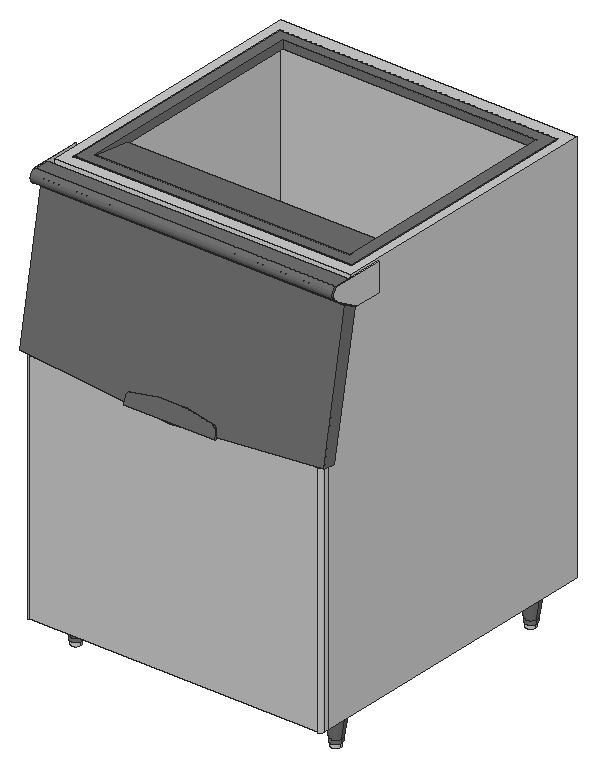
Revit family "QF_HOSHIZAKI_B-210SA", category Specialty Equipment, Revit 2016
Family settings
  Part Type = Normal
  Round Connector Dimension = Use Diameter
  OmniClass Number = 23.40.40.14
  OmniClass Title = Food Service Equipment
  Work Plane-Based = No
  Always vertical = Yes
  Cut with Voids When Loaded = No
  Shared = No
  Room Calculation Point = No
Parameters (values of type "B-210SA")
  Weight = 52.00 kg
  Waste Remarks [instance] = ""
  URL Cutsheet = ""
  URL = "www.hoshizaki-europe.com"
  Status [instance] = ""
  Specification by User [instance] = ""
  Specification by Manufacturer [instance] = ""
  Serial Number = ""
  Seismic Rating = ""
  SMACNA No = ""
  Revision Code [instance] = ""
  NAFEM Spec ID Number = ""
  Model = "B-210SA"
  Masterspec = ""
  Manufacturer = "HOSHIZAKI"
  Length Actual = 781 mm
  Item Number [instance] = ""
  Installed By [instance] = ""
  Indirect Waste Size = 19.05 mm
  Indirect Waste Connection Type [instance] = ""
  Indirect Waste Connection Height [instance] = 127 mm
  Identify Quantity as Lot [instance] = no
  Height Actual = 1106 mm
  Furnished By [instance] = ""
  Foodservice Equipment Identifier [instance] = yes
  Direct Waste RI Height [instance] = 0 mm
  Description = "B SERIES ICE STORAGE BIN, 210 KG CAPACITY"
  Depth Actual = 820 mm
  Cost = 0
  CSI MasterFormat = ""
  Assembly Code = "E1090320"
  Accessory = no
Reference planes
  plane 1 "Center (Front/Back)": y = 0
  plane 2: z = 0
  plane 3 "Center (Left/Right)": x = 0
Forms (mm)
  Extrusion 1, solid, not visible
    sketch origin (379, -2, 126) x (1, 0, 0) y (0, 1, 0)
      loop
        line (0, 0) -> (2, 0) -> (2, 2) -> (0, 2) -> (0, 0)
    from 0 to 2
Dimensions and locks
  aligned and locked: level to plane 2
Nested families
  nested 1: "QF_HOSHIZAKI_B-210SA" at (0, 0, 0), type "B-210SA"
    with Waste Water Discharge Temperature 0 °C, Status "", Specification by User "", Show Clearance yes, Revision Code "", Plumbing Remarks "", Plumbing Connection Type "", Number of Poles 1, Item Number "", Installed By "", Indirect Waste Connection Type "", Indirect Waste Connection Height 127 mm, Identify Quantity as Lot no, Furnished By "", Foodservice Equipment Identifier yes, Electrical Remarks "", Electric Connection Type "", Elec Conn RI Height 0 mm, Elec Conn Connection Height 0 mm, Conn Conduit no, Cold Water RI Height 0 mm, Cold Water Flow 0.0 L/s, Cold Water Consumption "", Cold Water Connection Height 0 mm
Connectors
  piping at (380, 0, 127), diameter 19.05, driven by "Indirect Waste Size"
    settings: on Extrusion 1, index 1, connector inside diameter 609.6 mm, connector length 0 mm, flow factor 0, pipe flow 0.0 L/s, pressure drop 0.0 Pa, fitting loss kfactor 0, connector angle 0.00°, fixture units 0, engagement length 0 mm, angle of deflection 0.00°, flow configuration 1, flow direction 2, fitting loss method 0, system type 16, joint type 0, gender type 0, connector reference index -1, connector utility 0, adjustable connector no, is connector primary yes, connector description "Drain connection for 'B-210SA'"
Definition of nested family "QF_HOSHIZAKI_B-210SA"
  Parameters (values of type "B-210SA")
    Weight in Pounds = 103.6171
    Electric power = 0 W
    Waste Water Discharge Temperature [instance] = 0 °C
    Volts = 0 V
    URL Cutsheet = "www.hoshizaki-europe.com"
    URL = "www.hoshizaki-europe.com"
    Status [instance] = ""
    Specification by User [instance] = ""
    Specification by Manufacturer = ""
    Show Clearance [instance] = yes
    Serial Number = ""
    Seismic Rating = ""
    SMACNA No = ""
    Revision Code [instance] = ""
    Plumbing Remarks [instance] = ""
    Plumbing Connection Type [instance] = ""
    Phase = 0
    Number of Poles [instance] = 1
    NAFEM Spec ID Number = ""
    Model = "B-210SA"
    Min Ckt Ampacity = 0 A
    Max Overcurrent Protection = 0 A
    Masterspec = ""
    Manufacturer = "HOSHIZAKI"
    Item Number [instance] = ""
    Installed By [instance] = ""
    Indirect Waste Size = 19.05 mm
    Indirect Waste Flow = 0.0 L/s
    Indirect Waste Connection Type [instance] = ""
    Indirect Waste Connection Height [instance] = 127 mm
    Identify Quantity as Lot [instance] = no
    HP power = ""
    Furnished By [instance] = ""
    Foodservice Equipment Identifier [instance] = yes
    FL Amps = 0 A
    Electrical Remarks [instance] = ""
    Electric Connection Type [instance] = ""
    Elec Conn RI Height [instance] = 0 mm
    Elec Conn Connection Height [instance] = 0 mm
    Description = "B SERIES ICE STORAGE BIN, 210 KG CAPACITY"
    Cycle = 0 Hz
    Conn Plug = ""
    Conn Conduit [instance] = no
    Cold Water Temperature Recommended = 0 °C
    Cold Water Size = 0 mm
    Cold Water RI Height [instance] = 0 mm
    Cold Water Minimum Pressure = 0.0 Pa
    Cold Water Maximum Pressure = 0.0 Pa
    Cold Water Flow [instance] = 0.0 L/s
    Cold Water Consumption [instance] = ""
    Cold Water Connection Height [instance] = 0 mm
    CSI MasterFormat = ""
    Assembly Code = "E1090320"
    Apparent Power = 0 VA
  Reference planes
    plane 1 "Back": y = 0
    plane 2: z = 0
    plane 3 "Left": x = 0
    plane 4 "Right": x = 781
    plane 5 "Front": y = -820
    plane 6 "Top": z = 1106
    plane 7: x = 367
  Forms (mm)
    Extrusion 1, solid
      sketch origin (3, 0, 0) x (0, 1, 0) y (0, 0, 1)
        loop
          line (0, 90) -> (0, 1106) -> (-725.825, 1106) -> (-799, 705) -> (-799, 90) -> (0, 90)
      from 6.444 to 30
    Extrusion 2, solid
      sketch origin (751, 0, 0) x (0, 1, 0) y (0, 0, 1)
        loop
          line (0, 90) -> (0, 1106) -> (-725.825, 1106) -> (-799, 705) -> (-799, 90) -> (0, 90)
      from -3 to 20.5
    Extrusion 3, solid
      sketch origin (33, 0, 0) x (0, 1, 0) y (0, 0, 1)
        loop
          line (0, 90) -> (0, 1106) -> (-30, 1106) -> (-30, 120) -> (-799, 120) -> (-799, 90) -> (0, 90)
        loop
          line (-695.329, 1106) -> (-725.825, 1106) -> (-729.474, 1086) -> (-698.979, 1086) -> (-695.329, 1106)
      from 0 to 718
    Extrusion 4, solid
      sketch origin (0, 0, 0) x (1, 0, 0) y (0, 1, 0)
        loop
          line (20.444, -820) -> (760.5, -820)
          arc (760.5, -820) -> (768.278, -816.778) -> (771.5, -809) r 11
          line (771.5, -809) -> (771.5, -801.5) -> (9.444, -801.5) -> (9.444, -809)
          arc (9.444, -809) -> (12.666, -816.778) -> (20.444, -820) r 11
      from 90 to 697.985
    Extrusion 5, solid
      sketch origin (0, -15.579, -10.536) x (0, 0.999899, -0.014205) y (0, 0.014205, 0.999899)
        loop
          line (-820, 705) -> (-785.569, 698.717) -> (-724.26, 1034.687) -> (-756.537, 1052.78) -> (-820, 705)
      from 0 to 2
    Extrusion 6, solid
      sketch origin (779, -15.579, -10.536) x (0, 0.999899, -0.014205) y (0, 0.014205, 0.999899)
        loop
          line (-820, 705) -> (-785.569, 698.717) -> (-724.26, 1034.687) -> (-756.537, 1052.78) -> (-820, 705)
      from 0 to 2
    Extrusion 7, solid
      sketch origin (2, -15.579, -10.536) x (0, 0.999899, -0.014205) y (0, 0.014205, 0.999899)
        loop
          line (-820, 705) -> (-815.081, 704.102) -> (-751.926, 1050.195) -> (-756.537, 1052.78) -> (-820, 705)
      from 0 to 777
    Extrusion 8, solid
      sketch origin (102, -959.918, 13.974) x (1, 0, 0) y (0, 0.193473, 0.981106)
        loop
          line (679, 705) -> (-102, 705)
          arc (-102, 705) -> (288.5, 674.049) -> (679, 705) r 2478.907
      from -3 to 2
    Extrusion 9, solid
      sketch origin (102, -962.994, 13.142) x (1, 0, 0) y (0, 0.194832, 0.980837)
        loop
          line (172.182, 691.47) -> (172.182, 678.786)
          arc (172.182, 678.786) -> (288.5, 675.466) -> (404.818, 678.786) r 2039.157
          line (404.818, 678.786) -> (404.818, 691.999)
          arc (404.818, 691.999) -> (402.533, 701.508) -> (396.523, 709.222) r 23.131
          arc (396.523, 709.222) -> (288.245, 723.516) -> (180.02, 708.825) r 411.552
          arc (180.02, 708.825) -> (174.232, 700.992) -> (172.182, 691.47) r 23.131
      from 0 to 2
    Extrusion 10, solid
      sketch origin (1, 0, 0) x (0, 1, 0) y (0, 0, 1)
        loop
          line (-648.405, 1106) -> (-775.019, 1106)
          arc (-775.019, 1106) -> (-791.919, 1093.042) -> (-783.792, 1073.358) r 17.5
          line (-783.792, 1073.358) -> (-717.513, 1034.957) -> (-648.405, 1034.957) -> (-648.405, 1106)
      from 0 to 2
    Extrusion 11, solid
      sketch origin (779, 0, 0) x (0, 1, 0) y (0, 0, 1)
        loop
          line (-648.405, 1106) -> (-775.019, 1106)
          arc (-775.019, 1106) -> (-791.919, 1093.042) -> (-783.792, 1073.358) r 17.5
          line (-783.792, 1073.358) -> (-717.513, 1034.957) -> (-648.405, 1034.957) -> (-648.405, 1106)
      from 0 to 2
    Extrusion 12, solid
      sketch origin (0, 0, 0) x (0, 1, 0) y (0, 0, 1)
        loop
          line (-752.511, 1050.234) -> (-742.678, 1106) -> (-780.905, 1106)
          arc (-780.905, 1106) -> (-795.091, 1086.127) -> (-771.687, 1079.166) r 15
          arc (-771.687, 1079.166) -> (-759.498, 1071.472) -> (-756.285, 1057.42) r 18.89
          line (-756.285, 1057.42) -> (-757.085, 1052.884) -> (-752.511, 1050.234)
      from 779 to 3
    Extrusion 13, solid
      sketch origin (0, 0, 0) x (1, 0, 0) y (0, 1, 0)
        loop
          line (33, -30) -> (33, -693.505) -> (748, -693.505) -> (748, -30) -> (33, -30)
        loop
          line (718.037, -60) -> (63, -60) -> (63, -663.505) -> (718.037, -663.505) -> (718.037, -60)
      from 1086 to 1106
    Extrusion 14, solid
      sketch origin (0, 0, 0) x (0, 1, 0) y (0, 0, 1)
        loop
          line (-663.505, 1106) -> (-663.505, 1086) -> (-559.526, 1086) -> (-559.526, 1091.387) -> (-663.505, 1106)
      from 718.037 to 63
    Revolve 15, solid
      sketch origin (83.165, -714, 0) x (-1, 0, 0) y (0, 0, -1)
        loop
          line (0, -90) -> (28.682, -90) -> (28.682, -10.76) -> (13.682, -10.76) -> (13.682, -20.76) -> (5, -70) -> (5, -80) -> (0, -80) -> (0, -90)
        axis (28.682, -90) -> (28.682, -10.76)
      angle from 0 to 360
    Extrusion 16, solid
      sketch origin (54.482, -714, 0) x (-1, 0, 0) y (0, -1, 0)
        loop
          circle (0, 0) r 12.5
      from 0 to 10.76
    Revolve 17, solid
      sketch origin (752.165, -714, 0) x (-1, 0, 0) y (0, 0, -1)
        loop
          line (0, -90) -> (28.682, -90) -> (28.682, -10.76) -> (13.682, -10.76) -> (13.682, -20.76) -> (5, -70) -> (5, -80) -> (0, -80) -> (0, -90)
        axis (28.682, -90) -> (28.682, -10.76)
      angle from 0 to 360
    Extrusion 18, solid
      sketch origin (723.482, -714, 0) x (-1, 0, 0) y (0, -1, 0)
        loop
          circle (0, 0) r 12.5
      from 0 to 10.76
    Revolve 19, solid
      sketch origin (83.165, -87, 0) x (-1, 0, 0) y (0, 0, -1)
        loop
          line (0, -90) -> (28.682, -90) -> (28.682, -10.76) -> (13.682, -10.76) -> (13.682, -20.76) -> (5, -70) -> (5, -80) -> (0, -80) -> (0, -90)
        axis (28.682, -90) -> (28.682, -10.76)
      angle from 0 to 360
    Extrusion 20, solid
      sketch origin (54.482, -87, 0) x (-1, 0, 0) y (0, -1, 0)
        loop
          circle (0, 0) r 12.5
      from 0 to 10.76
    Revolve 21, solid
      sketch origin (752.165, -87, 0) x (-1, 0, 0) y (0, 0, -1)
        loop
          line (0, -90) -> (28.682, -90) -> (28.682, -10.76) -> (13.682, -10.76) -> (13.682, -20.76) -> (5, -70) -> (5, -80) -> (0, -80) -> (0, -90)
        axis (28.682, -90) -> (28.682, -10.76)
      angle from 0 to 360
    Extrusion 22, solid
      sketch origin (723.482, -87, 0) x (-1, 0, 0) y (0, -1, 0)
        loop
          circle (0, 0) r 12.5
      from 0 to 10.76
    Extrusion 23, solid, visible <- "Show Clearance", detail levels coarse
      sketch origin (0, 0, -10) x (0, 1, 0) y (0, 0, 1)
        loop
          arc (-780.905, 1076.91) -> (-795.875, 1090.97) -> (-782.782, 1106.792) r 15
          line (-782.782, 1106.792) -> (-798.102, 1104.86)
          arc (-798.102, 1104.86) -> (-806.721, 1112.147) -> (-809.647, 1123.048) r 18.89
          line (-809.647, 1123.048) -> (-786.056, 1463.217) -> (-784.298, 1463.093) -> (-780.905, 1511.068)
          arc (-780.905, 1511.068) -> (-1199.238, 1118.187) -> (-833.355, 676.046) r 419.158
          line (-833.355, 676.046) -> (-823.984, 723.22) -> (-822.256, 722.876) -> (-756.285, 1057.42)
          arc (-756.285, 1057.42) -> (-757.823, 1068.602) -> (-765.463, 1076.91) r 18.89
          line (-765.463, 1076.91) -> (-780.905, 1076.91)
      from 3 to 778
    Extrusion 24, solid
      sketch origin (0, 0, 0) x (1, 0, 0) y (0, 0, 1)
        loop
          circle (380, 127) r 10
      from 0 to -20
  Cuts and joins
    joined: Extrusion 1, Extrusion 2, Extrusion 3
    joined: Extrusion 5, Extrusion 6, Extrusion 7, Extrusion 8, Extrusion 12
  Lines and regions (mm)
    symbolic lines, visible <- "Show Clearance"
      curve 1: line (3, -1200.063, 0) -> (3, -825.482, 0)
      curve 2: line (778, -1200.063, 0) -> (778, -825.482, 0)
      curve 3: line (3, -1200.063, 0) -> (778, -1200.063, 0)
    symbolic lines
      curve 4: line (0, 0, 0) -> (779, 0, 0)
      curve 5: line (0, -825.482, 0) -> (0, 0, 0)
      curve 6: line (779, -825.482, 0) -> (0, -825.482, 0)
      curve 7: line (779, 0, 0) -> (779, -825.482, 0)
      curve 8: arc (18, -825.482, 0) -> (94.897, -828.409, 0) -> (171.824, -830.369, 0) r 6112.23
      curve 9: arc (171.824, -830.369, 0) -> (284.923, -833.351, 0) -> (398.031, -830.77, 0) r 2300.706
      curve 10: arc (763, -825.482, 0) -> (580.555, -830.851, 0) -> (398.031, -830.77, 0) r 6112.23
      curve 11: line (0, -798.102, 0) -> (779, -798.102, 0)
      curve 12: line (0, -723.102, 0) -> (779, -723.102, 0)
      curve 13: line (0, -698.102, 0) -> (779, -698.102, 0)
      curve 14: line (33, -30, 0) -> (748, -30, 0)
      curve 15: line (33, -668, 0) -> (748, -668, 0)
      curve 16: line (33, -30, 0) -> (33, -668, 0)
      curve 17: line (748, -668, 0) -> (748, -30, 0)
      curve 18: line (63, -60, 0) -> (718, -60, 0)
      curve 19: line (63, -60, 0) -> (63, -559.526, 0)
      curve 20: line (718, -559.526, 0) -> (718, -60, 0)
      curve 21: line (63, -559.526, 0) -> (718, -559.526, 0)
  Dimensions and locks
    aligned and locked: level to plane 2
  Connectors
    piping at (380, 20, 127), diameter 19.05, driven by "Indirect Waste Size", driven by "Indirect Waste Flow"
      settings: on Extrusion 24, index 1, connector inside diameter 609.6 mm, connector length 0 mm, flow factor 0, pipe flow 0.0 L/s, pressure drop 0.0 Pa, fitting loss kfactor 0, connector angle 0.00°, fixture units 0, engagement length 0 mm, angle of deflection 0.00°, flow configuration 1, flow direction 2, fitting loss method 0, system type 16, joint type 0, gender type 0, connector reference index -1, connector utility 0, adjustable connector no, is connector primary yes, connector description "Drain connection"
